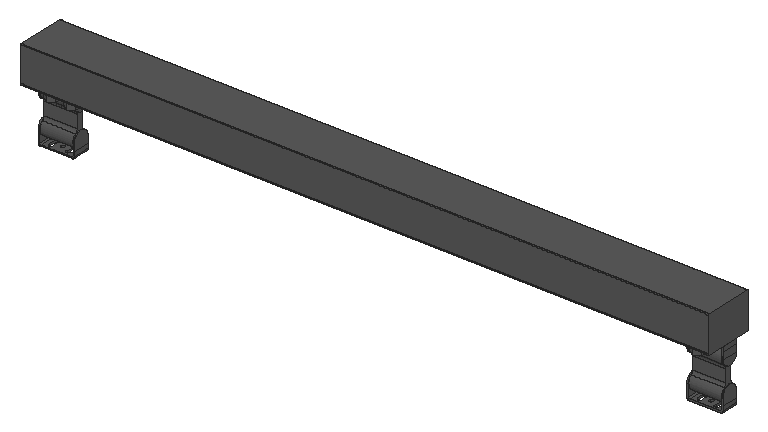
Revit family "LeL Tago 6.3", category Lighting Fixtures, Revit 2021
Family settings
  Round Connector Dimension = Use Diameter
  Part Type = Normal
  OmniClass Number = 23.80.70.00
  OmniClass Title = Lighting
  Work Plane-Based = Yes
  Always vertical = No
  Cut with Voids When Loaded = No
  Light Source = No
  Shared = No
  Room Calculation Point = No
Parameters (values of type "6.3 L 52° 49W 48Vdc")
  Weight = 3.60 kg
  Wattage = 49 W
  URL = "https://www.lucelight.it/en/prodotto.php/145846"
  Rotation wall [instance] = 0.00°
  Rotation body [instance] = 0.00°
  R2 [instance] = if(Rotation body > 90.00°, 90.00°, if(Rotation body < -90.00°, -90.00°, Rotation body))  # 0.00°
  R1 [instance] = if(Rotation wall > 90.00°, 90.00°, if(Rotation wall < -90.00°, -90.00°, Rotation wall))  # 0.00°
  Rated Power supply = 48 V
  Optic = TAGO Light source : 6.3 L 52° 49W 48Vdc
  Model = "TG63"
  Manufacturer = "L&L Luce&Light srl"  # constant formula
  Lumen Output = 4824 lm
  Lamp = "LED"
  IP = "IP65 IP67 IP69"  # constant formula
  IK = "IK09"  # constant formula
  Brackets offset hint [instance] = "Move brackets along the profile"  # constant formula
  Cable gland hint = "Switch on cable gland if dimmable"  # constant formula
  Description = "Outdoor/linear profiles"  # constant formula
  Default Elevation = 1219.2 mm
  Finish = LeL Black
  Cable gland dimmable = yes
  CRI = "CRI80"  # constant formula
  CCT = 4000 K  # constant formula
  Brackets offset [instance] = 0 mm
  B [instance] = if(Brackets offset > 400 mm, 400 mm, if(Brackets offset < 30 mm, 30 mm, Brackets offset))  # 30 mm
  Author = "A.D."  # constant formula
  Apparent Load = Wattage  # 49 VA
Types (6, lengths in mm): name | Wattage | Rated Power supply | Optic | Lumen Output | Brackets offset | B | Apparent Load
  6.3 L 52° 49W 48Vdc | 49 W | 48 V | TAGO Light source : 6.3 L 52° 49W 48Vdc | 4824 lm | 0 | 30 | 49 VA
  6.3 M 30° 49W 48Vdc | 49 W | 48 V | TAGO Light source : 6.3 M 30° 49W 48Vdc | 5160 lm | 0 | 30 | 49 VA
  6.3 S 24° 49W 48Vdc | 49 W | 48 V | TAGO Light source : 6.3 S 24° 49W 48Vdc | 5496 lm | 100 | 100 | 49 VA
  6.3 L 52° 55W 230Vac | 55 W | 230 V | TAGO Light source : 6.3 L 52° 55W 230Vac | 4824 lm | 0 | 30 | 55 VA
  6.3 M 30° 55W 230Vac | 55 W | 230 V | TAGO Light source : 6.3 M 30° 55W 230Vac | 5160 lm | 0 | 30 | 55 VA
  6.3 S 24° 55W 230Vac | 55 W | 230 V | TAGO Light source : 6.3 S 24° 55W 230Vac | 5496 lm | 100 | 100 | 55 VA
Reference planes
  plane 1 "Asse sorgente illuminazione (F/B)": y = 0
  plane 2: z = 0
  plane 3 "Asse sorgente illuminazione (L/R)": x = 0
  plane 4 "Prospetto sorgente di illuminazione": z = 1500
  plane 5: y = 0
  plane 6: x = -488
  plane 7: x = 488
  plane 8: z = 21.998
  plane 9: x = -518
  plane 10: x = 518
Lines and regions (mm)
  reference lines
    curve 1: line (0, -0.082, -8.118) -> (0, -0.082, 21.998)
Dimensions and locks
  locked: plane 9 to plane 3 "Asse sorgente illuminazione (L/R)" at 518
  locked: plane 3 "Asse sorgente illuminazione (L/R)" to plane 10 at 518
  "B": plane 9 to plane 6
  "B": plane 7 to plane 10
  "R1": angle plane 5 to curve 1
  aligned and locked: level to plane 2
  aligned and locked: plane 6 to nested 8
  aligned and locked: plane 6 to nested 7
  aligned and locked: plane 6 to nested 6
  aligned and locked: plane 7 to nested 2
  aligned and locked: plane 7 to nested 4
  aligned and locked: plane 7 to nested 3
  aligned and locked: plane 3 "Asse sorgente illuminazione (L/R)" to nested 5
  aligned and locked: plane 8 to curve 1
Automatic sketch dimensions
  plane 1 "Asse sorgente illuminazione (F/B)" to curve 1 = 0.082 mm
Nested families
  nested 1: "Symbol Linear Profile lamp" at (0, 0.044, 0), type "TG63", detail levels coarse
  nested 2: "Bracket wall" at (488, 0, 0), Finish <- "Finish", type "bracket wall"
    with Finish LeL Black
  nested 3: "Bracket body" at (488, 0.061, 71.907) x (1, 0, 0) z (0, 1, 0), Rotation body <- "R2", Finish <- "Finish", type "bracket body"
    with Rotation body 0.00°, Finish LeL Black
  nested 4: "Arm" at (488, -0.027, 21.924) x (1, 0, 0) z (0, 1, 0), Finish <- "Finish", type "arm"
    with Finish LeL Black
  nested 5: "Body" at (0, -0.113, -0.08), Finish <- "Finish", Cable gland <- "Cable gland dimmable", type "body"
    with Finish LeL Black, Cable gland yes
  nested 6: "Bracket wall" at (-488, 0, 0), Finish <- "Finish", type "bracket wall"
    with Finish LeL Black
  nested 7: "Bracket body" at (-488, 0.061, 71.907) x (1, 0, 0) z (0, 1, 0), Rotation body <- "R2", Finish <- "Finish", type "bracket body"
    with Rotation body 0.00°, Finish LeL Black
  nested 8: "Arm" at (-488, -0.027, 21.924) x (1, 0, 0) z (0, 1, 0), Finish <- "Finish", type "arm"
    with Finish LeL Black
  nested 9: "TAGO Light source" at (0.547, 30.415, 121.467) x (1, 0, 0) z (0, 1, 0), type <- "Optic", type "6.3 L 52° 49W 48Vdc", detail levels medium
Connectors
  electrical at (-467.94, 0.122, 0), driven by "Rated Power supply", driven by "Apparent Load"
    settings: index 2, voltage 48 V, apparent load 0 VA, apparent load phase1 49 VA, apparent load phase2 0 VA, apparent load phase3 0 VA, power factor 1, load classification "Illuminazione", number of poles 1, system type 31, power factor state 1, is connector primary yes, connector utility no, sub classification motor no, connector description ""
Definition of nested family "Bracket wall"
  Parameters (values of type "bracket wall")
    Default Elevation = 0 mm
    Finish [instance] = none
  Reference planes
    plane 1 "Centro (Fronte/Retro)": y = 0
    plane 2: z = 0
    plane 3 "Centro (Sinistra/Destra)": x = 0
  Forms (mm)
    Extrusion 1, solid, material <- "Finish", detail levels medium+fine
      sketch origin (0, 0, 0) x (1, 0, 0) y (0, 0, -1)
        loop
          line (-25.4, -22) -> (-25.4, -4)
          arc (-25.4, -4) -> (-24.814, -2.586) -> (-23.4, -2) r 2
          line (-23.4, -2) -> (23.4, -2)
          arc (23.4, -2) -> (24.814, -2.586) -> (25.4, -4) r 2
          line (25.4, -4) -> (25.4, -22) -> (27.4, -22) -> (27.4, -10) -> (27.4, -4)
          arc (27.4, -4) -> (26.228, -1.172) -> (23.4, 0) r 4
          line (23.4, 0) -> (-23.4, 0)
          arc (-23.4, 0) -> (-26.228, -1.172) -> (-27.4, -4) r 4
          line (-27.4, -4) -> (-27.4, -10) -> (-27.4, -22) -> (-25.4, -22)
      from -12 to 12
    Extrusion 2, solid, material <- "Finish", detail levels medium+fine
      sketch origin (0, 0, 0) x (0, 0, -1) y (0, 1, 0)
        loop
          line (-22, -12) -> (-22, 12)
          arc (-22, 12) -> (-34, 0) -> (-22, -12) r 12
      from 25.4 to 27.4
    Extrusion 3, solid, material <- "Finish", detail levels medium+fine
      sketch origin (0, 0, 0) x (0, 0, -1) y (0, -1, 0)
        loop
          arc (-22, 12) -> (-34, 0) -> (-22, -12) r 12
          line (-22, -12) -> (-22, 12)
      from 25.4 to 27.4
    Extrusion 4, void
      sketch origin (0, 0, 0) x (1, 0, 0) y (0, 1, 0)
        loop
          arc (-15.411, 7.399) -> (-17.1, 0) -> (-15.411, -7.399) r 17.05
          arc (-15.411, -7.399) -> (-11.348, -8.712) -> (-9.828, -4.722) r 3.1
          arc (-9.828, -4.722) -> (-10.9, -0.004) -> (-9.828, 4.715) r 10.916
          arc (-9.828, 4.715) -> (-11.344, 8.71) -> (-15.411, 7.399) r 3.102
      from 0 to 2
    Extrusion 5, void
      sketch origin (0, 0, 0) x (-1, 0, 0) y (0, -1, 0)
        loop
          arc (-15.411, -7.399) -> (-11.344, -8.71) -> (-9.828, -4.715) r 3.102
          arc (-9.828, -4.715) -> (-10.9, 0.004) -> (-9.828, 4.722) r 10.916
          arc (-9.828, 4.722) -> (-11.348, 8.712) -> (-15.411, 7.399) r 3.1
          arc (-15.411, 7.399) -> (-17.1, 0) -> (-15.411, -7.399) r 17.05
      from 0 to 2
    Extrusion 6, void
      sketch origin (0, 0, 0) x (1, 0, 0) y (0, 1, 0)
        loop
          circle (0, 0) r 3.1
      from 0 to 2
    Extrusion 7, solid, material <- "Finish", detail levels coarse
      sketch origin (0, 0, 0) x (0, 0, -1) y (0, 1, 0)
        loop
          line (0, 12) -> (-22, 12) -> (-30.485, 8.485) -> (-34, 0) -> (-30.485, -8.485) -> (-22, -12) -> (0, -12) -> (0, 12)
      from 25.4 to 27.4
    Extrusion 8, solid, material <- "Finish", detail levels coarse
      sketch origin (0, 0, 0) x (0, 0, -1) y (0, -1, 0)
        loop
          line (0, -12) -> (0, 12) -> (-22, 12) -> (-30.485, 8.485) -> (-34, 0) -> (-30.485, -8.485) -> (-22, -12) -> (0, -12)
      from 25.4 to 27.4
    Extrusion 9, solid, material <- "Finish", detail levels coarse
      sketch origin (0, 0, 0) x (0, 0, -1) y (0, 1, 0)
        loop
          line (0, 12) -> (-2, 12) -> (-2, -12) -> (0, -12) -> (0, 12)
      from -25.4 to 25.4
  Cuts and joins
    Extrusion 4, Extrusion 5, Extrusion 6 cuts Extrusion 1
    joined: Extrusion 1, Extrusion 2, Extrusion 3
  Dimensions and locks
    aligned and locked: level to plane 2
Definition of nested family "Bracket body"
  Parameters (values of type "bracket")
    Rotation body [instance] = 45.00°
    Finish [instance] = none
    Default Elevation = 1219.2 mm
  Reference planes
    plane 1 "Centro (Fronte/Retro)": y = 0
    plane 2: z = 0
    plane 3 "Centro (Sinistra/Destra)": x = 0
    plane 4: z = 0
    plane 5: y = 0
  Lines and regions (mm)
    reference lines
      curve 1: line (0, 0, 0) -> (0, -16.006, -16.006)
  Dimensions and locks
    "Rotation body": angle plane 4 to curve 1
    aligned and locked: level to plane 2
    aligned and locked: plane 4 to curve 1
    aligned and locked: plane 5 to curve 1
  Nested families
    nested 1: "Bracket body" at (0, 8.556, 8.397) x (1, 0, 0) z (0, -0.7071, 0.7071), Finish <- "Finish", type "bracket"
      with Finish none
  Definition of nested family "Bracket body"
    Parameters (values of type "bracket")
      Finish [instance] = none
      Default Elevation = 1219.2 mm
    Reference planes
      plane 1 "Centro (Fronte/Retro)": y = 0
      plane 2: z = 0
      plane 3 "Centro (Sinistra/Destra)": x = 0
    Forms (mm)
      Extrusion 1, solid, material <- "Finish", detail levels medium+fine
        sketch origin (0, -34, 0) x (-1, 0, 0) y (0, -1, 0)
          loop
            line (-25.4, -22) -> (-25.4, -4)
            arc (-25.4, -4) -> (-24.814, -2.586) -> (-23.4, -2) r 2
            line (-23.4, -2) -> (23.4, -2)
            arc (23.4, -2) -> (24.814, -2.586) -> (25.4, -4) r 2
            line (25.4, -4) -> (25.4, -22) -> (27.4, -22) -> (27.4, -10) -> (27.4, -4)
            arc (27.4, -4) -> (26.228, -1.172) -> (23.4, 0) r 4
            line (23.4, 0) -> (-23.4, 0)
            arc (-23.4, 0) -> (-26.228, -1.172) -> (-27.4, -4) r 4
            line (-27.4, -4) -> (-27.4, -10) -> (-27.4, -22) -> (-25.4, -22)
        from -12 to 12
      Extrusion 2, solid, material <- "Finish", detail levels medium+fine
        sketch origin (0, -34, 0) x (0, -1, 0) y (0, 0, 1)
          loop
            line (-22, -12) -> (-22, 12)
            arc (-22, 12) -> (-34, 0) -> (-22, -12) r 12
        from 25.4 to 27.4
      Extrusion 3, solid, material <- "Finish", detail levels medium+fine
        sketch origin (0, -34, 0) x (0, -1, 0) y (0, 0, -1)
          loop
            arc (-22, 12) -> (-34, 0) -> (-22, -12) r 12
            line (-22, -12) -> (-22, 12)
        from 25.4 to 27.4
      Extrusion 4, void
        sketch origin (0, -34, 0) x (-1, 0, 0) y (0, 0, 1)
          loop
            arc (-15.411, 7.399) -> (-17.1, 0) -> (-15.411, -7.399) r 17.05
            arc (-15.411, -7.399) -> (-11.348, -8.712) -> (-9.828, -4.722) r 3.1
            arc (-9.828, -4.722) -> (-10.9, -0.004) -> (-9.828, 4.715) r 10.916
            arc (-9.828, 4.715) -> (-11.344, 8.71) -> (-15.411, 7.399) r 3.102
        from 0 to 2
      Extrusion 5, void
        sketch origin (0, -34, 0) x (1, 0, 0) y (0, 0, -1)
          loop
            arc (-15.411, -7.399) -> (-11.344, -8.71) -> (-9.828, -4.715) r 3.102
            arc (-9.828, -4.715) -> (-10.9, 0.004) -> (-9.828, 4.722) r 10.916
            arc (-9.828, 4.722) -> (-11.348, 8.712) -> (-15.411, 7.399) r 3.1
            arc (-15.411, 7.399) -> (-17.1, 0) -> (-15.411, -7.399) r 17.05
        from 0 to 2
      Extrusion 6, void
        sketch origin (0, -34, 0) x (-1, 0, 0) y (0, 0, 1)
          loop
            circle (0, 0) r 3.1
        from 0 to 2
      Extrusion 7, solid, material <- "Finish", detail levels coarse
        sketch origin (0, -34, 0) x (0, -1, 0) y (0, 0, 1)
          loop
            line (0, 12) -> (-22, 12) -> (-30.485, 8.485) -> (-34, 0) -> (-30.485, -8.485) -> (-22, -12) -> (0, -12) -> (0, 12)
        from 25.4 to 27.4
      Extrusion 8, solid, material <- "Finish", detail levels coarse
        sketch origin (0, -34, 0) x (0, -1, 0) y (0, 0, -1)
          loop
            line (0, -12) -> (0, 12) -> (-22, 12) -> (-30.485, 8.485) -> (-34, 0) -> (-30.485, -8.485) -> (-22, -12) -> (0, -12)
        from 25.4 to 27.4
      Extrusion 9, solid, material <- "Finish", detail levels coarse
        sketch origin (0, -34, 0) x (0, -1, 0) y (0, 0, 1)
          loop
            line (0, 12) -> (-2, 12) -> (-2, -12) -> (0, -12) -> (0, 12)
        from -25.4 to 25.4
    Cuts and joins
      Extrusion 4, Extrusion 5, Extrusion 6 cuts Extrusion 1
    Dimensions and locks
      aligned and locked: level to plane 2
Definition of nested family "Arm"
  Parameters (values of type "arm")
    Finish [instance] = none
    Default Elevation = 1219.2 mm
  Reference planes
    plane 1 "Centro (Fronte/Retro)": y = 0
    plane 2: z = 0
    plane 3 "Centro (Sinistra/Destra)": x = 0
  Forms (mm)
    Extrusion 1, solid, material <- "Finish", detail levels medium+fine
      sketch origin (-9.26, 22.016, 0) x (0, 1, 0) y (0, 0, 1)
        loop
          arc (-62.216, -6.947) -> (-59.72, -4.78) -> (-56.508, -4) r 7
          line (-56.508, -4) -> (-37.492, -4)
          arc (-37.492, -4) -> (-34.28, -4.78) -> (-31.784, -6.947) r 7
          arc (-31.784, -6.947) -> (-10, 0) -> (-31.784, 6.947) r 12
          arc (-31.784, 6.947) -> (-34.28, 4.78) -> (-37.492, 4) r 7
          line (-37.492, 4) -> (-56.508, 4)
          arc (-56.508, 4) -> (-59.72, 4.78) -> (-62.216, 6.947) r 7
          arc (-62.216, 6.947) -> (-84, 0) -> (-62.216, -6.947) r 12
      from -15.74 to 34.26
    Extrusion 2, solid, material <- "Finish", detail levels coarse
      sketch origin (0, 0, 0) x (0, 1, 0) y (0, 0, 1)
        loop
          line (0, 12) -> (-8.485, 8.485) -> (-10.243, 4.243) -> (-39.726, 4.243) -> (-41.483, 8.485) -> (-49.969, 12) -> (-58.454, 8.485) -> (-61.969, 0) -> (-58.454, -8.485) -> (-49.969, -12) -> (-41.483, -8.485) -> (-39.726, -4.243) -> (-10.243, -4.243) -> (-8.485, -8.485) -> (0, -12) -> (8.485, -8.485) -> (12, 0) -> (8.485, 8.485) -> (0, 12)
      from -25 to 25
  Dimensions and locks
    aligned and locked: level to plane 2
Definition of nested family "Body"
  Parameters (values of type "body")
    Lenght = 1036 mm
    Finish [instance] = none
    Default Elevation = 1219.2 mm
    Cable gland [instance] = yes
  Reference planes
    plane 1 "Centro (Fronte/Retro)": y = 0
    plane 2: z = 0
    plane 3 "Centro (Sinistra/Destra)": x = 0
    plane 4: x = -518
    plane 5: x = -514
    plane 6: x = -503
    plane 7: x = 503
    plane 8: x = 514
    plane 9: x = 518
    plane 10: x = 488.5
    plane 11: x = -483.5
    plane 12: x = -453.5
  Forms (mm)
    Extrusion 1, solid, material <- "Finish", detail levels medium+fine
      sketch origin (0, 0, 0) x (0, 1, 0) y (0, 0, 1)
        loop
          arc (-41.6, 149) -> (-42.307, 148.707) -> (-42.6, 148) r 1
          line (-42.6, 148) -> (-42.6, 95)
          arc (-42.6, 95) -> (-42.307, 94.293) -> (-41.6, 94) r 1
          line (-41.6, 94) -> (31.2, 94)
          arc (31.2, 94) -> (31.554, 94.146) -> (31.7, 94.5) r 0.5
          line (31.7, 94.5) -> (31.7, 148.5)
          arc (31.7, 148.5) -> (31.554, 148.854) -> (31.2, 149) r 0.5
          line (31.2, 149) -> (-41.6, 149)
      from -518 to 518
    Extrusion 2, void
      sketch origin (0, 0, 0) x (1, 0, 0) y (0, 0, 1)
        loop
          line (-514, 146.625) -> (-514, 96.375) -> (514, 96.375) -> (514, 146.625) -> (-514, 146.625)
      from -31.7 to -26.7
    Extrusion 3, solid, detail levels medium+fine
      sketch origin (0, 0, 0) x (1, 0, 0) y (0, 0, 1)
        loop
          line (-514, 146.625) -> (-514, 96.375) -> (514, 96.375) -> (514, 146.625) -> (-514, 146.625)
      from -26.7 to -31.7
    Extrusion 4, solid, detail levels medium+fine
      sketch origin (0, 0, 0) x (1, 0, 0) y (0, 0, 1)
        loop
          line (-503, 132.25) -> (-503, 110.75)
          arc (-503, 110.75) -> (-502.268, 108.982) -> (-500.5, 108.25) r 2.5
          line (-500.5, 108.25) -> (500.5, 108.25)
          arc (500.5, 108.25) -> (502.268, 108.982) -> (503, 110.75) r 2.5
          line (503, 110.75) -> (503, 132.25)
          arc (503, 132.25) -> (502.268, 134.018) -> (500.5, 134.75) r 2.5
          line (500.5, 134.75) -> (-500.5, 134.75)
          arc (-500.5, 134.75) -> (-502.268, 134.018) -> (-503, 132.25) r 2.5
      from -31.7 to -26.7
    Extrusion 5, solid, visible <- "Cable gland", detail levels medium+fine
      sketch origin (402.5, 0, 87.5) x (1, 0, 0) y (0, 1, 0)
        loop
          line (86, -13.63) -> (76.5, -19.115) -> (76.5, -30.085) -> (86, -35.57) -> (95.5, -30.085) -> (95.5, -19.115) -> (86, -13.63)
      from -7.25 to 6.5
    Extrusion 6, solid, visible <- "Cable gland", detail levels medium+fine
      sketch origin (-539.5, 0, 87.5) x (1, 0, 0) y (0, 1, 0)
        loop
          line (86, -13.63) -> (76.5, -19.115) -> (76.5, -30.085) -> (86, -35.57) -> (95.5, -30.085) -> (95.5, -19.115) -> (86, -13.63)
      from -7.25 to 6.5
    Extrusion 7, solid, detail levels medium+fine
      sketch origin (-569.5, 0, 87.5) x (1, 0, 0) y (0, 1, 0)
        loop
          line (86, -13.63) -> (76.5, -19.115) -> (76.5, -30.085) -> (86, -35.57) -> (95.5, -30.085) -> (95.5, -19.115) -> (86, -13.63)
      from -7.25 to 6.5
    Extrusion 8, solid, material <- "Finish", detail levels coarse
      sketch origin (0, 0, 0) x (0, 1, 0) y (0, 0, 1)
        loop
          line (30.513, 149) -> (-42.6, 149) -> (-42.6, 94) -> (30.513, 94) -> (30.513, 149)
      from -518 to 518
    Extrusion 9, solid, detail levels coarse
      sketch origin (0, 62.4, 0) x (0, -1, 0) y (0, 0, -1)
        loop
          line (31.887, -149) -> (31.887, -94) -> (30.7, -94) -> (30.7, -149) -> (31.887, -149)
      from -518 to 518
    Extrusion 10, void
      sketch origin (0, 0, 0) x (1, 0, 0) y (0, 0, 1)
        loop
          arc (-500.5, 134.75) -> (-502.268, 134.018) -> (-503, 132.25) r 2.5
          line (-503, 132.25) -> (-503, 110.75)
          arc (-503, 110.75) -> (-502.268, 108.982) -> (-500.5, 108.25) r 2.5
          line (-500.5, 108.25) -> (500.5, 108.25)
          arc (500.5, 108.25) -> (502.268, 108.982) -> (503, 110.75) r 2.5
          line (503, 110.75) -> (503, 132.25)
          arc (503, 132.25) -> (502.268, 134.018) -> (500.5, 134.75) r 2.5
          line (500.5, 134.75) -> (-500.5, 134.75)
      from -31.7 to -26.7
  Cuts and joins
    Extrusion 2, Extrusion 10 cuts Extrusion 1
    Extrusion 10 cuts Extrusion 8
    Extrusion 10 cuts Extrusion 3
  Dimensions and locks
    equal spacing: plane 9, plane 3 "Centro (Sinistra/Destra)", plane 4
    "Lenght": plane 9 to plane 4
    locked: plane 9 to plane 8 at 4
    locked: plane 5 to plane 4 at 4
    locked: plane 6 to plane 5 at 11
    locked: plane 8 to plane 7 at 11
    locked: plane 11 to plane 6 at 19.5
    locked: plane 12 to plane 11 at 30
    locked: plane 7 to plane 10 at 14.5
    aligned and locked: level to plane 2
    aligned and locked: Extrusion 1 to plane 4
    aligned and locked: Extrusion 1 to plane 9
    aligned and locked: plane 8 to cut or joined group of Extrusion 1, Extrusion 2, Extrusion 10
    aligned and locked: cut or joined group of Extrusion 1, Extrusion 2, Extrusion 10 to plane 5
    aligned and locked: cut or joined group of Extrusion 1, Extrusion 2, Extrusion 10 to cut or joined group of Extrusion 1, Extrusion 2, Extrusion 10
    aligned and locked: Extrusion 6 to plane 12
    aligned and locked: Extrusion 7 to plane 11
    aligned and locked: Extrusion 5 to plane 10
    aligned and locked: Extrusion 8 to plane 9
    aligned and locked: Extrusion 8 to plane 4
    aligned and locked: Extrusion 9 to plane 4
    aligned and locked: Extrusion 9 to plane 9
  Automatic sketch dimensions
    plane 1 "Centro (Fronte/Retro)" to Extrusion 1 sketch curve = 42.6 mm
    Extrusion 1 sketch curve to Extrusion 1 sketch curve = 1 mm  (x2)
    Extrusion 1 sketch curve to plane 1 "Centro (Fronte/Retro)" = 31.2 mm  (x2)
    Extrusion 1 sketch curve to Extrusion 1 sketch curve = 0.5 mm
    level to Extrusion 1 sketch curve = 94 mm
    Extrusion 1 sketch curve to Extrusion 1 sketch curve = 53 mm
    Extrusion 2 sketch curve to plane 5 = 0 mm
    Extrusion 2 sketch curve to plane 8 = 0 mm
    level to Extrusion 2 sketch curve = 96.375 mm
    Extrusion 2 sketch curve to Extrusion 2 sketch curve = 50.25 mm
    Extrusion 3 sketch curve to plane 5 = 0 mm
    Extrusion 3 sketch curve to plane 8 = 0 mm
    level to Extrusion 3 sketch curve = 96.375 mm
    Extrusion 3 sketch curve to Extrusion 3 sketch curve = 50.25 mm
    Extrusion 4 sketch curve to plane 6 = 0 mm
    plane 7 to Extrusion 4 sketch curve = 0 mm
    plane 6 to Extrusion 4 sketch curve = 2.5 mm  (x2)
    plane 7 to Extrusion 4 sketch curve = 2.5 mm  (x2)
    level to Extrusion 4 sketch curve = 108.25 mm
    Extrusion 4 sketch curve to Extrusion 4 sketch curve = 21.5 mm
    Extrusion 5 sketch curve to plane 10 = 0 mm  (x2)
    Extrusion 5 sketch curve to plane 10 = 9.5 mm
    plane 7 to Extrusion 5 sketch curve = 5 mm
    plane 1 "Centro (Fronte/Retro)" to Extrusion 5 sketch curve = 35.57 mm
    Extrusion 5 sketch curve to Extrusion 5 sketch curve = 5.485 mm  (x3)
    Extrusion 5 sketch curve to Extrusion 5 sketch curve = 10.97 mm  (x2)
    Extrusion 6 sketch curve to plane 12 = 0 mm  (x2)
    Extrusion 6 sketch curve to plane 12 = 9.5 mm
    plane 12 to Extrusion 6 sketch curve = 9.5 mm
    plane 1 "Centro (Fronte/Retro)" to Extrusion 6 sketch curve = 35.57 mm
    Extrusion 6 sketch curve to Extrusion 6 sketch curve = 5.485 mm  (x3)
    Extrusion 6 sketch curve to Extrusion 6 sketch curve = 10.97 mm  (x2)
    Extrusion 7 sketch curve to plane 11 = 0 mm  (x2)
    Extrusion 7 sketch curve to plane 11 = 9.5 mm
    plane 11 to Extrusion 7 sketch curve = 9.5 mm
    plane 1 "Centro (Fronte/Retro)" to Extrusion 7 sketch curve = 35.57 mm
    Extrusion 7 sketch curve to Extrusion 7 sketch curve = 5.485 mm  (x3)
    Extrusion 7 sketch curve to Extrusion 7 sketch curve = 10.97 mm  (x2)
    plane 1 "Centro (Fronte/Retro)" to Extrusion 8 sketch curve = 42.6 mm
    Extrusion 8 sketch curve to plane 1 "Centro (Fronte/Retro)" = 30.513 mm
    level to Extrusion 8 sketch curve = 94 mm
    Extrusion 8 sketch curve to Extrusion 8 sketch curve = 55 mm
    Extrusion 9 sketch curve to plane 1 "Centro (Fronte/Retro)" = 31.7 mm
    Extrusion 9 sketch curve to plane 1 "Centro (Fronte/Retro)" = 30.513 mm
    level to Extrusion 9 sketch curve = 149 mm
    Extrusion 9 sketch curve to Extrusion 9 sketch curve = 55 mm
    Extrusion 10 sketch curve to plane 6 = 0 mm
    plane 6 to Extrusion 10 sketch curve = 2.5 mm  (x2)
    Extrusion 10 sketch curve to Extrusion 10 sketch curve = 2.5 mm
    level to Extrusion 10 sketch curve = 108.25 mm
    Extrusion 10 sketch curve to Extrusion 10 sketch curve = 21.5 mm
    plane 7 to Extrusion 10 sketch curve = 2.5 mm
    plane 7 to Extrusion 10 sketch curve = 0 mm
Definition of nested family "Symbol Linear Profile lamp"
  Parameters (values of type "1752mm")
    Symbol widht = 55 mm
    Symbol lenght = 1036 mm
  Reference planes
    plane 1: y = 0
    plane 2: x = 0
  Lines and regions (mm)
    detail lines
      curve 1: line (-518, -25, 0) -> (518, -25, 0)
      curve 2: line (-518, 30, 0) -> (-518, -25, 0)
      curve 3: line (518, 30, 0) -> (-518, 30, 0)
      curve 4: line (518, -25, 0) -> (518, 30, 0)
  Dimensions and locks
    equal spacing: curve 3, plane 1, curve 1
    "Symbol widht": curve 3 to curve 1
    equal spacing: curve 2, plane 2, curve 4
    "Symbol lenght": curve 2 to curve 4
  Automatic sketch dimensions
    plane 1 to curve 1 = 25 mm
Definition of nested family "TAGO Light source"
  Parameters (values of type "6.3 M 30° 49W 48Vdc")
    Wattage = 34.7377 W
    built-in parameter 1150110 = 1 (stored number, unit not read)
    built-in parameter 1114217 = 1 (stored number, unit not read)
    Tilt Angle = -90.00°
    built-in parameter 1150109 = 1 (stored number, unit not read)
    built-in parameter 1150134 = 12
    built-in parameter 1150113 = 1 (stored number, unit not read)
    Photometric Web File = "TAGO 6.3 M 30° [RGBW 49W 48Vdc].IES"
    Lumens = 5160 lm
    built-in parameter 1150115 = 1 (stored number, unit not read)
    built-in parameter 1150105 = 5333.5 (stored number, unit not read)
    built-in parameter 1150137 = (empty or 0)
    built-in parameter 1150139 = (empty or 0)
    built-in parameter 1150112 = 1 (stored number, unit not read)
    built-in parameter 1150114 = 1 (stored number, unit not read)
    Lamp = "LED"
    built-in parameter 1150132 = 2
    built-in parameter 1150102 = (empty or 0)
    built-in parameter 1150138 = (empty or 0)
    built-in parameter 1150107 = 4000 (stored number, unit not read)
    built-in parameter 1150106 = 53.335 (stored number, unit not read)
    Emit from Rectangle Width = 1036 mm
    Emit from Rectangle Length = 55 mm
    Emit Shape Visible in Rendering = no
    built-in parameter 1150104 = 13.8 (stored number, unit not read)
    Dimming Lamp Color Temperature Shift = (empty or 0)
    Default Elevation = 1219.2 mm
    Color Filter = 16777215
    built-in parameter 1114218 = 1 (stored number, unit not read)
    built-in parameter 1150133 = 10 (stored number, unit not read)
    Apparent Load = 49 VA
  Types (6, lengths in mm): name | Wattage | Photometric Web File | Lumens | built-in parameter 1150105 | built-in parameter 1150106 | Apparent Load
    6.3 L 52° 49W 48Vdc | 32.4757 W | "TAGO 6.3 L 52° [RGBW 49W 48Vdc].IES" | 4824 lm | 383.88 (stored number, unit not read) | 3.8388 (stored number, unit not read) | 49 VA
    6.3 L 52° 55W 230Vac | 32.4757 W | "TAGO 6.3 L 52° [RGBW 55W 230Vac].IES" | 4824 lm | 383.88 (stored number, unit not read) | 3.8388 (stored number, unit not read) | 55 VA
    6.3 M 30° 49W 48Vdc | 34.7377 W | "TAGO 6.3 M 30° [RGBW 49W 48Vdc].IES" | 5160 lm | 5333.5 (stored number, unit not read) | 53.335 (stored number, unit not read) | 49 VA
    6.3 M 30° 55W 230Vac | 34.7377 W | "TAGO 6.3 M 30° [RGBW 55W 230Vac].IES" | 5160 lm | 5333.5 (stored number, unit not read) | 53.335 (stored number, unit not read) | 55 VA
    6.3 S 24° 49W 48Vdc | 36.9996 W | "TAGO 6.3 S 24° [RGBW 49W 48Vdc].IES" | 5496 lm | 13032.6 (stored number, unit not read) | 130.33 (stored number, unit not read) | 49 VA
    6.3 S 24° 55W 230Vac | 36.9996 W | "TAGO 6.3 S 24° [RGBW 55W 230Vac].IES" | 5496 lm | 13032.6 (stored number, unit not read) | 130.33 (stored number, unit not read) | 55 VA
  Reference planes
    plane 1 "Light Source Axis (F/B)": y = 0
    plane 2: z = 0
    plane 3 "Light Source Axis (L/R)": x = 0
    plane 4 "Light Source Elevation": z = 1.25
    plane 5: x = 0
  Dimensions and locks
    aligned and locked: plane 4 "Light Source Elevation" to imposter light
    aligned and locked: plane 2 to level
